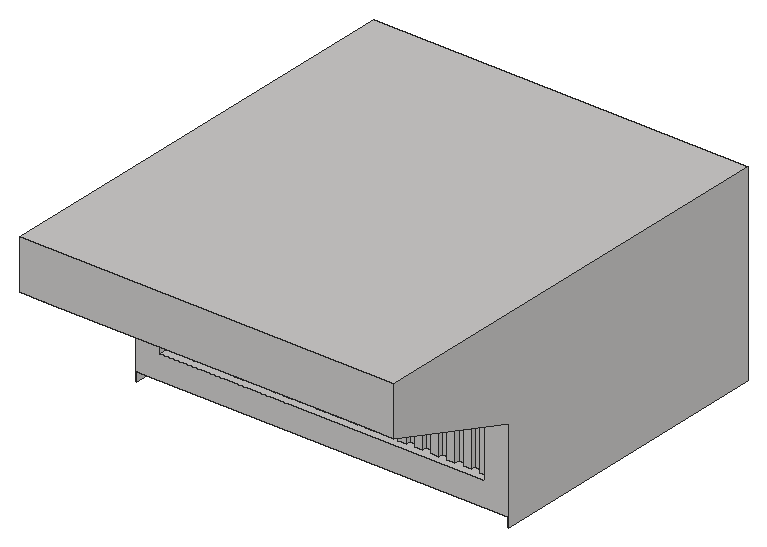
Revit family "QF_ELECTROLUXPROFESSIONAL_922735_HOBV11", category Specialty Equipment, Revit 2023
Family settings
  Round Connector Dimension = Use Diameter
  Part Type = Normal
  Work Plane-Based = No
  Enable Cutting in Views = No
  Always vertical = Yes
  Cut with Voids When Loaded = No
  Maintain Annotation Orientation = No
  Shared = No
  Room Calculation Point = No
Parameters
  Weight = 23.00 kg
  Watts = 0 W
  Volts = 0 V
  URL Manufacturer = "http://www.electroluxprofessional.com"
  URL = "http://www.electroluxprofessional.com"
  Steam Supply Size = 0 mm
  Steam Supply Minimum Pressure = 0.0 Pa
  Steam Supply Maximum Pressure = 0.0 Pa
  Steam Pounds per Hour = 0
  Show Logo [instance] = yes
  Show Clearance [instance] = yes
  Refrigeration Suction Line Size = 0 mm
  Refrigeration Liquid Line Size = 0 mm
  Refrigerant Compressor Remote = yes
  Manufacturer = "Electrolux Professional"
  Phase = 0
  Model = "HOBV11"
  Length Actual = 917 mm
  Item Number = "922735"
  Hot Water Size = 0 mm
  Height Actual = 450 mm
  HP = "0 HP"
  Gas Size = 0 mm
  Gas KW = 0
  Gas Input Pressure = 0 W
  Direct Waste Size = 0 mm
  Description = "EXHAUST HOOD WITHOUT FAN FOR 20 GN 1/1 OVEN"
  Depth Actual = 1085 mm
  Default Elevation = 0 mm
  Cycle = 0 Hz
  Condensate Return Size = 0 mm
  Compressed Air Volume = 0.0 L/s
  Compressed Air Size = 0 mm
  Compressed Air Pressure = 0.0 Pa
  Cold Water Size = 0 mm
  Accessory = no
Reference planes
  plane 1 "Center X": y = 81.851
  plane 2: z = 0
  plane 3 "Center Y": x = -305.5
  plane 4 "LEFT": x = -760
  plane 5 "BACK": y = 479.851
  plane 6 "RIGHT": x = 149
  plane 7 "FRONT": y = -316.149
  plane 8 "TOP": z = 1728
  plane 9: y = -605.149
  plane 10: x = -764
  plane 11: x = 153
  plane 12: z = 2178
Forms (mm)
  Extrusion 1, solid, material "QF_Clearance", visible <- "Show Clearance", detail levels coarse
    sketch origin (0, 0, 0) x (1, 0, 0) y (0, 1, 0)
      loop
        line (-764, 479.851) -> (153, 479.851) -> (153, 629.851) -> (-764, 629.851) -> (-764, 479.851)
    from 1707 to 2178
  Extrusion 2, solid, material "QF_Clearance", visible <- "Show Clearance", detail levels coarse
    sketch origin (-1150.39, -1524, 2178) x (-1, 0, 0) y (0, -1, 0)
      loop
        line (-386.39, -918.851) -> (-1303.39, -918.851) -> (-1303.39, -2153.851) -> (-386.39, -2153.851) -> (-386.39, -918.851)
    from 450 to 0
  Extrusion 3, solid, material "QF_Finishes_Stainless Steel"
    sketch origin (-764, 902.856, 4000) x (0, 1, 0) y (0, 0, 1)
      loop
        line (-423.005, -2272) -> (-423.005, -1822) -> (-1508.005, -1822) -> (-1508.005, -1942.064) -> (-1154.005, -2066.021) -> (-1154.005, -2272) -> (-423.005, -2272)
    from 60 to 0
  Extrusion 4, solid, material "QF_Finishes_Stainless Steel"
    sketch origin (153, 902.856, 4000) x (0, 1, 0) y (0, 0, 1)
      loop
        line (-423.005, -2272) -> (-423.005, -1822) -> (-1508.005, -1822) -> (-1508.005, -1942.064) -> (-1154.005, -2066.021) -> (-1154.005, -2272) -> (-423.005, -2272)
    from -60 to 0
  Extrusion 5, solid, material "QF_Finishes_Stainless Steel"
    sketch origin (-305.5, 0, 0) x (0, 1, 0) y (0, 0, 1)
      loop
        line (479.851, 1728) -> (479.851, 2178) -> (-605.149, 2178) -> (-605.149, 2057.936) -> (-231.149, 2057.936) -> (-231.149, 1788) -> (-251.149, 1788) -> (-251.149, 1728) -> (479.851, 1728)
    from -398.5 to 398.5
  Extrusion 6, solid, material "QF_Finishes_Stainless Steel"
    sketch origin (0, -316.149, 0) x (-1, 0, 0) y (0, 0, 1)
      loop
        line (764, 1728) -> (760, 1728) -> (760, 1707) -> (764, 1707) -> (764, 1728)
      loop
        line (-149, 1728) -> (-153, 1728) -> (-153, 1707) -> (-149, 1707) -> (-149, 1728)
    from 65 to 796
  Extrusion 7, solid, material "QF_Finishes_Stainless Steel"
    sketch origin (0, 479.851, 0) x (-1, 0, 0) y (0, 0, 1)
      loop
        circle (-128, 2113) r 8
      loop
        circle (305.5, 1746) r 7
    from 0 to 20
  Extrusion 8, void
    sketch origin (0, 0, 0) x (1, 0, 0) y (0, 1, 0)
      loop
        line (-335.5, -221.149) -> (-355.5, -221.149) -> (-355.5, -231.149) -> (-335.5, -231.149) -> (-335.5, -221.149)
      loop
        line (-315.5, -221.149) -> (-315.5, -231.149) -> (-295.5, -231.149) -> (-295.5, -221.149) -> (-315.5, -221.149)
      loop
        line (-275.5, -221.149) -> (-275.5, -231.149) -> (-255.5, -231.149) -> (-255.5, -221.149) -> (-275.5, -221.149)
      loop
        line (-235.5, -221.149) -> (-235.5, -231.149) -> (-215.5, -231.149) -> (-215.5, -221.149) -> (-235.5, -221.149)
      loop
        line (-195.5, -221.149) -> (-195.5, -231.149) -> (-175.5, -231.149) -> (-175.5, -221.149) -> (-195.5, -221.149)
      loop
        line (-155.5, -221.149) -> (-155.5, -231.149) -> (-135.5, -231.149) -> (-135.5, -221.149) -> (-155.5, -221.149)
      loop
        line (-115.5, -221.149) -> (-115.5, -231.149) -> (-95.5, -231.149) -> (-95.5, -221.149) -> (-115.5, -221.149)
      loop
        line (-75.5, -221.149) -> (-75.5, -231.149) -> (-55.5, -231.149) -> (-55.5, -221.149) -> (-75.5, -221.149)
      loop
        line (-35.5, -221.149) -> (-35.5, -231.149) -> (-15.5, -231.149) -> (-15.5, -221.149) -> (-35.5, -221.149)
      loop
        line (4.5, -221.149) -> (4.5, -231.149) -> (24.5, -231.149) -> (24.5, -221.149) -> (4.5, -221.149)
      loop
        line (44.5, -221.149) -> (44.5, -231.149) -> (64.5, -231.149) -> (64.5, -221.149) -> (44.5, -221.149)
      loop
        line (-675.5, -221.149) -> (-675.5, -231.149) -> (-655.5, -231.149) -> (-655.5, -221.149) -> (-675.5, -221.149)
      loop
        line (-635.5, -221.149) -> (-635.5, -231.149) -> (-615.5, -231.149) -> (-615.5, -221.149) -> (-635.5, -221.149)
      loop
        line (-595.5, -221.149) -> (-595.5, -231.149) -> (-575.5, -231.149) -> (-575.5, -221.149) -> (-595.5, -221.149)
      loop
        line (-555.5, -221.149) -> (-555.5, -231.149) -> (-535.5, -231.149) -> (-535.5, -221.149) -> (-555.5, -221.149)
      loop
        line (-515.5, -221.149) -> (-515.5, -231.149) -> (-495.5, -231.149) -> (-495.5, -221.149) -> (-515.5, -221.149)
      loop
        line (-475.5, -221.149) -> (-475.5, -231.149) -> (-455.5, -231.149) -> (-455.5, -221.149) -> (-475.5, -221.149)
      loop
        line (-435.5, -221.149) -> (-435.5, -231.149) -> (-415.5, -231.149) -> (-415.5, -221.149) -> (-435.5, -221.149)
      loop
        line (-395.5, -221.149) -> (-395.5, -231.149) -> (-375.5, -231.149) -> (-375.5, -221.149) -> (-395.5, -221.149)
    from 1788 to 2057.936
Cuts and joins
  joined: Extrusion 1, Extrusion 2
  Extrusion 8 cuts Extrusion 3
  Extrusion 8 cuts Extrusion 4
  Extrusion 8 cuts Extrusion 5
  Extrusion 8 cuts Extrusion 6
  Extrusion 8 cuts Extrusion 7
  joined: Extrusion 3, Extrusion 4, Extrusion 5, Extrusion 6, Extrusion 7
Lines and regions (mm)
  symbolic lines, style "QF_Clearances", visible <- "Show Clearance"
    curve 1: line (153, 629.851, 0) -> (-764, 629.851, 0)
  symbolic lines, style "Linee tratto punto"
    curve 2: line (-764, 479.851, 0) -> (153, 479.851, 0)
    curve 3: line (-764, -605.149, 0) -> (-764, 479.851, 0)
    curve 4: line (153, -605.149, 0) -> (-764, -605.149, 0)
    curve 5: line (153, 479.851, 0) -> (153, -605.149, 0)
    curve 16: line (-764, -605.149, 0) -> (153, 479.851, 0)
    curve 17: line (-764, 479.851, 0) -> (153, -605.149, 0)
  symbolic lines
    curve 6: line (-312.5, 499.851, 0) -> (-298.5, 499.851, 0)
    curve 7: line (-298.5, 499.851, 0) -> (-298.5, 479.851, 0)
    curve 8: line (-312.5, 499.851, 0) -> (-312.5, 479.851, 0)
    curve 9: line (136, 499.851, 0) -> (136, 479.851, 0)
    curve 10: line (136, 499.851, 0) -> (120, 499.851, 0)
    curve 11: line (120, 499.851, 0) -> (120, 479.851, 0)
  symbolic lines, style "SpecialityEquipmentHiddenLines"
    curve 12: line (-313, 338.851, 0) -> (8, 338.851, 0)
    curve 13: line (-313, 28.351, 0) -> (-313, 338.851, 0)
    curve 14: line (8, 28.351, 0) -> (-313, 28.351, 0)
    curve 15: line (8, 338.851, 0) -> (8, 28.351, 0)
Dimensions and locks
  equal spacing: plane 4 "LEFT", plane 3 "Center Y", plane 6 "RIGHT"
  plane 10 to plane 11 = 917 mm
  plane 5 "BACK" to plane 9 = 1085 mm
  equal spacing: plane 5 "BACK", plane 1 "Center X", plane 7 "FRONT"
  locked: plane 10 to plane 4 "LEFT" at 4
  locked: plane 6 "RIGHT" to plane 11 at 4
  cut or joined group of Extrusion 3, Extrusion 4, Extrusion 5, Extrusion 6, Extrusion 7, Extrusion 8 to Extrusion 7 sketch curve = 39 mm
  Extrusion 7 sketch curve to plane 12 = 65 mm
  plane 11 to Extrusion 7 sketch curve = 25 mm
  aligned and locked: level to plane 2
Automatic sketch dimensions
  Extrusion 1 sketch curve to plane 10 = 0 mm
  Extrusion 1 sketch curve to plane 11 = 0 mm
  Extrusion 1 sketch curve to plane 5 "BACK" = 0 mm
  plane 5 "BACK" to Extrusion 1 sketch curve = 150 mm
  Extrusion 2 sketch curve to plane 9 = 0 mm
  Extrusion 2 sketch curve to plane 11 = 0 mm
  Extrusion 2 sketch curve to plane 10 = 0 mm
  plane 5 "BACK" to Extrusion 2 sketch curve = 150 mm
  Extrusion 5 sketch curve to plane 9 = 0 mm
  Extrusion 5 sketch curve to plane 8 "TOP" = 0 mm
  Extrusion 5 sketch curve to plane 5 "BACK" = 0 mm
  Extrusion 5 sketch curve to plane 12 = 0 mm
  plane 7 "FRONT" to Extrusion 5 sketch curve = 65 mm
  plane 7 "FRONT" to Extrusion 5 sketch curve = 85 mm
  plane 8 "TOP" to Extrusion 5 sketch curve = 60 mm
  Extrusion 5 sketch curve to plane 12 = 120.064 mm
  Extrusion 6 sketch curve to plane 8 "TOP" = 0 mm  (x2)
  Extrusion 6 sketch curve to plane 11 = 0 mm
  Extrusion 6 sketch curve to plane 6 "RIGHT" = 0 mm
  Extrusion 6 sketch curve to plane 4 "LEFT" = 0 mm
  Extrusion 6 sketch curve to plane 10 = 0 mm
  Extrusion 6 sketch curve to plane 8 "TOP" = 21 mm
  Extrusion 6 sketch curve to Extrusion 6 sketch curve = 21 mm
  Extrusion 7 sketch curve to plane 3 "Center Y" = 0 mm
  curve 1 to plane 10 = 0 mm
  curve 4 to plane 10 = 0 mm
  curve 1 to plane 11 = 0 mm
  curve 16 to plane 5 "BACK" = 0 mm
  curve 16 to plane 11 = 0 mm
  curve 5 to plane 9 = 0 mm
  curve 8 to plane 3 "Center Y" = 7 mm
  plane 3 "Center Y" to curve 6 = 7 mm
  curve 12 to plane 3 "Center Y" = 7.5 mm
  curve 15 to plane 6 "RIGHT" = 141 mm
  curve 11 to plane 6 "RIGHT" = 29 mm
  curve 9 to plane 6 "RIGHT" = 13 mm
  plane 1 "Center X" to curve 14 = 53.5 mm
  curve 12 to plane 5 "BACK" = 141 mm
  curve 9 to curve 10 = 20 mm
  plane 5 "BACK" to curve 8 = 20 mm
  curve 9 to curve 1 = 130 mm
  Extrusion 4 sketch curve to plane 9 = 0 mm
  Extrusion 4 sketch curve to plane 8 "TOP" = 0 mm
  Extrusion 4 sketch curve to plane 5 "BACK" = 0 mm
  Extrusion 4 sketch curve to plane 12 = 0 mm
  plane 7 "FRONT" to Extrusion 4 sketch curve = 65 mm
  plane 8 "TOP" to Extrusion 4 sketch curve = 205.979 mm
  Extrusion 4 sketch curve to Extrusion 4 sketch curve = 120.064 mm
  Extrusion 3 sketch curve to plane 9 = 0 mm
  Extrusion 3 sketch curve to plane 8 "TOP" = 0 mm
  Extrusion 3 sketch curve to plane 5 "BACK" = 0 mm
  Extrusion 3 sketch curve to plane 12 = 0 mm
  plane 7 "FRONT" to Extrusion 3 sketch curve = 65 mm
  plane 8 "TOP" to Extrusion 3 sketch curve = 205.979 mm
  Extrusion 3 sketch curve to Extrusion 3 sketch curve = 120.064 mm
  Extrusion 8 sketch curve to Extrusion 8 sketch curve = 20 mm  (x36)
  Extrusion 8 sketch curve to plane 3 "Center Y" = 10 mm
  plane 3 "Center Y" to Extrusion 8 sketch curve = 10 mm
  plane 7 "FRONT" to Extrusion 8 sketch curve = 85 mm  (x2)
  Extrusion 8 sketch curve to Extrusion 8 sketch curve = 0 mm  (x17)
  Extrusion 8 sketch curve to Extrusion 8 sketch curve = 10 mm  (x19)
  radius of Extrusion 7 sketch curve = 8 mm
  radius of Extrusion 7 sketch curve = 7 mm
Connectors
  electrical at (128, 499.851, 2113)
    settings: on cut or joined group of Extrusion 3, Extrusion 4, Extrusion 5, Extrusion 6, Extrusion 7, Extrusion 8, index 1, voltage 0 V, apparent load 0 VA, apparent load phase1 0 VA, apparent load phase2 0 VA, apparent load phase3 0 VA, power factor 1, load classification "Altro", number of poles 1, system type 30, power factor state 1, is connector primary yes, connector utility no, sub classification motor no, connector description "Electrical Connection"
  piping at (-305.5, 499.851, 1746), diameter 14
    settings: on cut or joined group of Extrusion 3, Extrusion 4, Extrusion 5, Extrusion 6, Extrusion 7, Extrusion 8, index 2, connector inside diameter 609.6 mm, connector length 0 mm, flow factor 0, pipe flow 0.0 L/s, pressure drop 0.0 Pa, fitting loss kfactor 0, connector angle 0.00°, fixture units 0, engagement length 0 mm, angle of deflection 0.00°, flow configuration 1, flow direction 2, fitting loss method 0, system type 16, joint type 0, gender type 0, connector reference index -1, connector utility 0, adjustable connector no, is connector primary yes, connector description "Drain"
